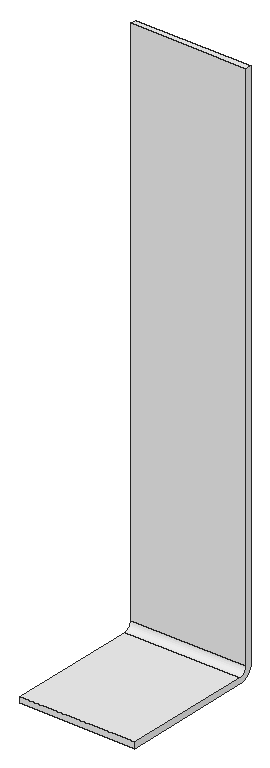
Revit family "JOMA_419 & 429", category Structural Connections, host Face, Revit 2012
Parameters (values of type "4190000")
  yr = ir + t  # 4.562 mm
  t = 2.000 mm
  l = 50.000 mm
  ir = t * 1.281  # 2.562 mm
  h = 190.000 mm
  b = 40.000 mm
  Vinkelbeslag 429 = not(Vinkelbeslag 419)  # no
  Vinkelbeslag 419 = yes
  Vikt = "0,141"
  Typ = "VINKEL 419"
  Spikmönster 2 [instance] = no
  Spikmönster 1 [instance] = no
  Spik/skruv [instance] = "ANKARSPIK 4,0x40"
  Material = Varmförzinkad stålplåt
  Länk Joma Dimensioneringsverktyg = "http://www.joma.se/dimensioneringsverktyg"
  Default Elevation = 0.000 mm
  Bult (betong) [instance] = "BULT M12"
  Antal spik/skruv i virkesdel B [instance] = if(Spikmönster 1, 1, if(Spikmönster 2, 1, 0))  # 0
  Antal spik/skruv i virkesdel A [instance] = if(Spikmönster 1, 4, if(Spikmönster 2, 4, 0))  # 0
  429 Spikmönster 2 [instance] = and(Vinkelbeslag 429, Spikmönster 2, not(Spikmönster 1))  # no
  429 Spikmönster 1 [instance] = and(Vinkelbeslag 429, Spikmönster 1, not(Spikmönster 2))  # no
  419 Spikmönster 1 [instance] = and(Vinkelbeslag 419, Spikmönster 1, not(Spikmönster 2))  # no
Types (3, lengths in mm): name | h | Vinkelbeslag 429 | Vinkelbeslag 419 | Vikt | Typ
  (no name) | 190.000 | no | yes | "0,141" | "VINKEL 419"
  4190000 | 190.000 | no | yes | "0,141" | "VINKEL 419"
  4290000 | 290.000 | yes | no | "0,202" | "VINKEL 429"
Reference planes
  plane 1 "Center (Front/Back)": y = 0
  plane 2: z = 0
  plane 3 "Center (Left/Right)": x = 0
  plane 4: x = -20
  plane 5: x = 20
  plane 6: y = -50
  plane 7: z = 190
Forms (mm)
  Extrusion 1, solid, material "Varmförzinkad stålplåt" <- "Material"
    sketch origin (0, 0, 0) x (0, 1, 0) y (0, 0, 1)
      loop
        line (0, 190) -> (-2, 190) -> (-2, 4.562)
        arc (-2, 4.562) -> (-2.75, 2.75) -> (-4.562, 2) r 2.562
        line (-4.562, 2) -> (-50, 2) -> (-50, 0) -> (-4.562, 0)
        arc (-4.562, 0) -> (-1.336, 1.336) -> (0, 4.562) r 4.562
        line (0, 4.562) -> (0, 190)
    from -20 to 20
Lines and regions (mm)
  symbolic lines, visible <- "Vinkelbeslag 419"
    curve 1: circle (0, -25, 0) r 6.5 normal (0, 0, 1)
    curve 2: circle (10, 0, 180) r 2.5 normal (0, -1, 0)
    curve 3: circle (-10, 0, 180) r 2.5 normal (0, -1, 0)
    curve 4: circle (0, 0, 160) r 2.5 normal (0, -1, 0)
    curve 5: circle (10, 0, 140) r 2.5 normal (0, -1, 0)
    curve 6: circle (-10, 0, 140) r 2.5 normal (0, -1, 0)
    curve 7: circle (0, 0, 120) r 2.5 normal (0, -1, 0)
    curve 8: circle (10, 0, 100) r 2.5 normal (0, -1, 0)
    curve 9: circle (-10, 0, 100) r 2.5 normal (0, -1, 0)
    curve 10: circle (0, 0, 80) r 2.5 normal (0, -1, 0)
    curve 11: circle (10, 0, 60) r 2.5 normal (0, -1, 0)
    curve 12: circle (-10, 0, 60) r 2.5 normal (0, -1, 0)
    curve 13: circle (0, 0, 40) r 2.5 normal (0, -1, 0)
    curve 14: circle (10, 0, 20) r 2.5 normal (0, -1, 0)
    curve 15: circle (-10, 0, 20) r 2.5 normal (0, -1, 0)
  symbolic lines, visible <- "Vinkelbeslag 419", not visible
    curve 16: circle (10, 0, 180) r 2.5 normal (0, -1, 0)
    curve 17: circle (-10, 0, 180) r 2.5 normal (0, -1, 0)
    curve 18: circle (0, 0, 160) r 2.5 normal (0, -1, 0)
    curve 19: circle (10, 0, 140) r 2.5 normal (0, -1, 0)
    curve 20: circle (-10, 0, 140) r 2.5 normal (0, -1, 0)
    curve 21: circle (0, 0, 120) r 2.5 normal (0, -1, 0)
    curve 22: circle (10, 0, 100) r 2.5 normal (0, -1, 0)
    curve 23: circle (-10, 0, 100) r 2.5 normal (0, -1, 0)
    curve 24: circle (0, 0, 80) r 2.5 normal (0, -1, 0)
    curve 25: circle (10, 0, 60) r 2.5 normal (0, -1, 0)
    curve 26: circle (-10, 0, 60) r 2.5 normal (0, -1, 0)
    curve 27: circle (0, 0, 40) r 2.5 normal (0, -1, 0)
    curve 28: circle (10, 0, 20) r 2.5 normal (0, -1, 0)
    curve 29: circle (-10, 0, 20) r 2.5 normal (0, -1, 0)
    curve 30: circle (0, -25, 0) r 6.5 normal (0, 0, 1)
  symbolic lines, visible <- "Vinkelbeslag 429"
    curve 31: circle (0, -25, 0) r 6.5 normal (0, 0, 1)
    curve 33: circle (-10, 0, 280) r 2.5 normal (0, -1, 0)
    curve 34: circle (10, 0, 280) r 2.5 normal (0, 1, 0)
    curve 35: circle (0, 0, 260) r 2.5 normal (0, 1, 0)
    curve 36: circle (-10, 0, 240) r 2.5 normal (0, -1, 0)
    curve 37: circle (10, 0, 240) r 2.5 normal (0, 1, 0)
    curve 38: circle (0, 0, 220) r 2.5 normal (0, 1, 0)
    curve 39: circle (-10, 0, 200) r 2.5 normal (0, -1, 0)
    curve 40: circle (10, 0, 200) r 2.5 normal (0, 1, 0)
    curve 41: circle (0, 0, 180) r 2.5 normal (0, 1, 0)
    curve 42: circle (-10, 0, 160) r 2.5 normal (0, -1, 0)
    curve 43: circle (10, 0, 160) r 2.5 normal (0, 1, 0)
    curve 44: circle (0, 0, 140) r 2.5 normal (0, 1, 0)
    curve 45: circle (-10, 0, 120) r 2.5 normal (0, -1, 0)
    curve 46: circle (10, 0, 120) r 2.5 normal (0, 1, 0)
    curve 47: circle (0, 0, 100) r 2.5 normal (0, 1, 0)
    curve 48: circle (-10, 0, 80) r 2.5 normal (0, -1, 0)
    curve 49: circle (10, 0, 80) r 2.5 normal (0, 1, 0)
    curve 50: circle (0, 0, 60) r 2.5 normal (0, 1, 0)
    curve 51: circle (-10, 0, 40) r 2.5 normal (0, -1, 0)
    curve 52: circle (10, 0, 40) r 2.5 normal (0, 1, 0)
    curve 53: circle (0, 0, 20) r 2.5 normal (0, 1, 0)
  symbolic lines, visible <- "Vinkelbeslag 429", not visible
    curve 32: circle (0, -25, 0) r 6.5 normal (0, 0, 1)
    curve 54: circle (-10, 0, 280) r 2.5 normal (0, -1, 0)
    curve 55: circle (10, 0, 280) r 2.5 normal (0, 1, 0)
    curve 56: circle (0, 0, 260) r 2.5 normal (0, 1, 0)
    curve 57: circle (-10, 0, 240) r 2.5 normal (0, -1, 0)
    curve 58: circle (10, 0, 240) r 2.5 normal (0, 1, 0)
    curve 59: circle (0, 0, 220) r 2.5 normal (0, 1, 0)
    curve 60: circle (-10, 0, 200) r 2.5 normal (0, -1, 0)
    curve 61: circle (10, 0, 200) r 2.5 normal (0, 1, 0)
    curve 62: circle (0, 0, 180) r 2.5 normal (0, 1, 0)
    curve 63: circle (-10, 0, 160) r 2.5 normal (0, -1, 0)
    curve 64: circle (10, 0, 160) r 2.5 normal (0, 1, 0)
    curve 65: circle (0, 0, 140) r 2.5 normal (0, 1, 0)
    curve 66: circle (-10, 0, 120) r 2.5 normal (0, -1, 0)
    curve 67: circle (10, 0, 120) r 2.5 normal (0, 1, 0)
    curve 68: circle (0, 0, 100) r 2.5 normal (0, 1, 0)
    curve 69: circle (-10, 0, 80) r 2.5 normal (0, -1, 0)
    curve 70: circle (10, 0, 80) r 2.5 normal (0, 1, 0)
    curve 71: circle (0, 0, 60) r 2.5 normal (0, 1, 0)
    curve 72: circle (-10, 0, 40) r 2.5 normal (0, -1, 0)
    curve 73: circle (10, 0, 40) r 2.5 normal (0, 1, 0)
    curve 74: circle (0, 0, 20) r 2.5 normal (0, 1, 0)
Text (mm)
  text "Betong" at (203.015, -3.528, 0), in view "Ref. Level"
  text "Virkesdel" at (250.387, 0, 109.472), in view "Front"
Dimensions and locks
  "b": plane 5 to plane 4
  "l": plane 1 "Center (Front/Back)" to plane 6
  "h": plane 7 to host face
  equal spacing: plane 5, plane 3 "Center (Left/Right)", plane 4
  "t": plane 1 "Center (Front/Back)" to Extrusion 1
  "t": Extrusion 1 to host face
  "ir": radius of Extrusion 1 sketch curve
  "yr": radius of Extrusion 1 sketch curve
  aligned and locked: plane 2 to host face
  aligned and locked: level to host face
  aligned and locked: plane 5 to Extrusion 1
  aligned and locked: Extrusion 1 to plane 4
  aligned and locked: Extrusion 1 to plane 6
  aligned and locked: plane 7 to Extrusion 1
Automatic sketch dimensions
  host sketch curve to host sketch curve = 2438.400 mm  (x2)
  Extrusion 1 sketch curve to plane 6 = 0.000 mm
  Extrusion 1 sketch curve to level = 0.000 mm
  Extrusion 1 sketch curve to plane 7 = 0.000 mm
  Extrusion 1 sketch curve to plane 1 "Center (Front/Back)" = 0.000 mm
  Extrusion 1 sketch curve to Extrusion 1 sketch curve = 0.000 mm
  level to Extrusion 1 sketch curve = 2.000 mm
Nested families
  nested 1: "Spikmönster" at (10, 0, 180) x (1, 0, 0) z (0, -1, 0), visible <- "419 Spikmönster 1", type "Ø5"
  nested 2: "Spikmönster" at (-10, 0, 140) x (1, 0, 0) z (0, -1, 0), visible <- "419 Spikmönster 1", type "Ø5"
  nested 3: "Spikmönster" at (10, 0, 100) x (1, 0, 0) z (0, -1, 0), visible <- "419 Spikmönster 1", type "Ø5"
  nested 4: "Spikmönster" at (-10, 0, 60) x (1, 0, 0) z (0, -1, 0), visible <- "419 Spikmönster 1", type "Ø5"
  nested 5: "Spikmönster" at (10, 0, 180) x (1, 0, 0) z (0, -1, 0), visible <- "419 Spikmönster 1", type "Ø5", not visible
  nested 6: "Spikmönster" at (-10, 0, 140) x (1, 0, 0) z (0, -1, 0), visible <- "419 Spikmönster 1", type "Ø5", not visible
  nested 7: "Spikmönster" at (10, 0, 100) x (1, 0, 0) z (0, -1, 0), visible <- "419 Spikmönster 1", type "Ø5", not visible
  nested 8: "Spikmönster" at (-10, 0, 60) x (1, 0, 0) z (0, -1, 0), visible <- "419 Spikmönster 1", type "Ø5", not visible
  nested 9: "Spikmönster" at (0, -25, 0), visible <- "419 Spikmönster 1", type "Ø13"
  nested 10: "Spikmönster" at (0, -25, 0), visible <- "419 Spikmönster 1", type "Ø13", not visible
  nested 11: "Spikmönster" at (10, 0, 280) x (1, 0, 0) z (0, -1, 0), visible <- "429 Spikmönster 1", type "Ø5"
  nested 12: "Spikmönster" at (-10, 0, 240) x (1, 0, 0) z (0, -1, 0), visible <- "429 Spikmönster 1", type "Ø5"
  nested 13: "Spikmönster" at (-10, 0, 80) x (1, 0, 0) z (0, -1, 0), visible <- "429 Spikmönster 1", type "Ø5"
  nested 14: "Spikmönster" at (10, 0, 120) x (1, 0, 0) z (0, -1, 0), visible <- "429 Spikmönster 1", type "Ø5"
  nested 15: "Spikmönster" at (10, 0, 280) x (1, 0, 0) z (0, -1, 0), visible <- "429 Spikmönster 2", type "Ø5"
  nested 16: "Spikmönster" at (-10, 0, 240) x (1, 0, 0) z (0, -1, 0), visible <- "429 Spikmönster 2", type "Ø5"
  nested 17: "Spikmönster" at (10, 0, 200) x (1, 0, 0) z (0, -1, 0), visible <- "429 Spikmönster 2", type "Ø5"
  nested 18: "Spikmönster" at (-10, 0, 160) x (1, 0, 0) z (0, -1, 0), visible <- "429 Spikmönster 2", type "Ø5"
  nested 19: "Spikmönster" at (10, 0, 280) x (1, 0, 0) z (0, -1, 0), visible <- "429 Spikmönster 1", type "Ø5", not visible
  nested 20: "Spikmönster" at (-10, 0, 240) x (1, 0, 0) z (0, -1, 0), visible <- "429 Spikmönster 1", type "Ø5", not visible
  nested 21: "Spikmönster" at (-10, 0, 80) x (1, 0, 0) z (0, -1, 0), visible <- "429 Spikmönster 1", type "Ø5", not visible
  nested 22: "Spikmönster" at (10, 0, 120) x (1, 0, 0) z (0, -1, 0), visible <- "429 Spikmönster 1", type "Ø5", not visible
  nested 23: "Spikmönster" at (10, 0, 280) x (1, 0, 0) z (0, -1, 0), visible <- "429 Spikmönster 2", type "Ø5", not visible
  nested 24: "Spikmönster" at (-10, 0, 240) x (1, 0, 0) z (0, -1, 0), visible <- "429 Spikmönster 2", type "Ø5", not visible
  nested 25: "Spikmönster" at (10, 0, 200) x (1, 0, 0) z (0, -1, 0), visible <- "429 Spikmönster 2", type "Ø5", not visible
  nested 26: "Spikmönster" at (-10, 0, 160) x (1, 0, 0) z (0, -1, 0), visible <- "429 Spikmönster 2", type "Ø5", not visible
  nested 27: "Spikmönster" at (0, -25, 0), visible <- "429 Spikmönster 2", type "Ø13"
  nested 28: "Spikmönster" at (0, -25, 0), visible <- "429 Spikmönster 1", type "Ø13"
  nested 29: "Spikmönster" at (0, -25, 0), visible <- "429 Spikmönster 2", type "Ø13", not visible
  nested 30: "Spikmönster" at (0, -25, 0), visible <- "429 Spikmönster 1", type "Ø13", not visible
Definition of nested family "Spikmönster"
  Parameters (values of type "Ø11")
    Radie = 5.500 mm
  Types (3, lengths in mm): name | Radie
    (no name) | 5.500
    Ø5 | 2.500
    Ø11 | 5.500
  Reference planes
    plane 1 "Center (Front/Back)": y = 0
    plane 2: z = 0
    plane 3 "Center (Left/Right)": x = 0
  Lines and regions (mm)
    Filled region 1, type "Solid Fill - Black", in view "Ref. Level"
      outline origin (0, 0, 0) x (1, 0, 0) y (0, 1, 0)
        loop
          circle (0, 0) r 5.5
  Dimensions and locks
    "Radie": radius of Filled region 1 sketch curve
  Automatic sketch dimensions
    plane 1 "Center (Front/Back)" to Filled region 1 sketch curve = 0.000 mm
    Filled region 1 sketch curve to plane 3 "Center (Left/Right)" = 0.000 mm
